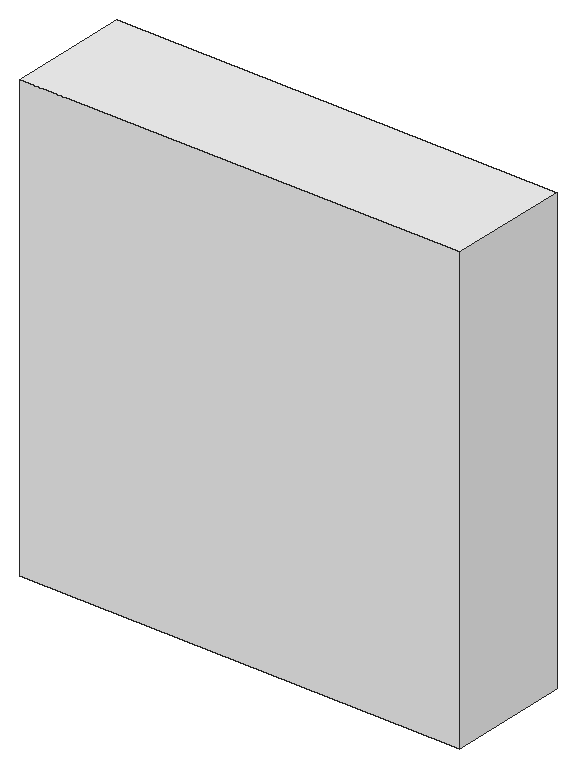
Revit family "259519 Strømforsyning 24V 5A", category Electrical Equipment, Revit 2016
Family settings
  Part Type = Other Panel
  Round Connector Dimension = Use Diameter
  OmniClass Number = 23.85.30.21.11
  OmniClass Title = Fire Detection, Monitoring and Alarm
  Work Plane-Based = No
  Always vertical = Yes
  Cut with Voids When Loaded = No
  Shared = No
  Room Calculation Point = No
Parameters (values of type "Strømforsyning 230V/24V")
  Type Comments = "-XG"
  Panel Name [instance] = "542"
  NS8360 = "5422_WB3"
  Manufacturer = "Honeywell"
  Keynote = "WB3"
  CQFontSymboler = "t"
  CQ Width = 400 mm
  CQ Voltage = 230 V
  CQ Type tekst synlig = yes
  CQ Type = "24V"
  CQ Depth = 110 mm
  CQ Montering tekst synlig [instance] = no
  CQ Montering [instance] = "Vegg"
  CQ Material = Laminate, White
  CQ Symbol Positive Direction [instance] = yes
  CQ Symbol Offset Side [instance] = 0 mm
  CQ Symbol Offset Out [instance] = 0 mm
  CQ Height = 404 mm
  CQ Font = 0 mm
  CQ Display = Laminate, Grey
  Assembly Code = "5422"
Reference planes
  plane 1 "Center (Front/Back)": y = 0
  plane 2: z = 0
  plane 3 "Center (Left/Right)": x = 0
  plane 4: z = 202
  plane 5: z = -202
  plane 6: x = -200
  plane 7: x = 200
  plane 8 "Front": y = 110
  plane 9: z = 162
  plane 10: y = 111
  plane 11: x = -175
Forms (mm)
  Extrusion 1, solid, material "Laminate, White" <- "CQ Material"
    sketch origin (0, -130, 0) x (-1, 0, 0) y (0, 0, 1)
      loop
        line (200, 202) -> (-200, 202) -> (-200, -202) -> (200, -202) -> (200, 202)
    from 130 to 240
  Extrusion 2, solid, material "Laminate, Grey" <- "CQ Display"
    sketch origin (5, 182, 0) x (1, 0, 0) y (0, 0, -1)
      loop
        line (-89.52, -162) -> (-89.52, -62) -> (-180, -62) -> (-180, -162) -> (-89.52, -162)
    from -72 to -71
Lines and regions (mm)
  model lines, style "InvisibleLines"
    curve 1: line (0, 0, 0) -> (0, 0, 5)
  symbolic lines, style "InvisibleLines"
    curve 2: line (0, 110, 0) -> (0, 110, 627)
    curve 3: line (-200, 110, 0) -> (200, 110, 0)
    curve 4: line (200, 110, 0) -> (200, 0, 0)
    curve 5: line (-200, 0, 0) -> (-200, 110, 0)
Dimensions and locks
  equal spacing: plane 7, plane 3 "Center (Left/Right)", plane 6
  "CQ Width": plane 7 to plane 6
  equal spacing: plane 4, level, plane 5
  "CQ Height": plane 4 to plane 5
  "CQ Depth": plane 8 "Front" to plane 1 "Center (Front/Back)"
  locked: plane 4 to plane 9 at 40
  locked: plane 10 to plane 8 "Front" at 1
  locked: plane 11 to plane 6 at 25
  locked: Extrusion 2 sketch curve to plane 11 at 90.48
  locked: plane 9 to Extrusion 2 sketch curve at 100
  aligned and locked: level to plane 2
  aligned and locked: plane 3 "Center (Left/Right)" to nested 1
  aligned and locked: plane 1 "Center (Front/Back)" to nested 1
  aligned and locked: Extrusion 1 sketch curve to plane 6
  aligned and locked: Extrusion 1 sketch curve to plane 5
  aligned and locked: plane 7 to Extrusion 1 sketch curve
  aligned and locked: plane 8 "Front" to Extrusion 1
  aligned and locked: plane 1 "Center (Front/Back)" to Extrusion 1
  aligned and locked: plane 3 "Center (Left/Right)" to curve 2
  aligned and locked: level to curve 2
  aligned and locked: curve 3 to plane 8 "Front"
  aligned and locked: plane 7 to Extrusion 1
  aligned and locked: Extrusion 1 to plane 6
  aligned and locked: Extrusion 2 to plane 8 "Front"
  aligned and locked: plane 10 to Extrusion 2
  aligned and locked: Extrusion 2 sketch curve to plane 11
  aligned and locked: plane 9 to Extrusion 2 sketch curve
Automatic sketch dimensions
  curve 1 to plane 3 "Center (Left/Right)" = 0 mm
  curve 1 to level = 0 mm
  level to curve 1 = 5 mm
  curve 5 to plane 6 = 0 mm
  plane 1 "Center (Front/Back)" to curve 4 = 0 mm
  curve 4 to plane 7 = 0 mm
  plane 1 "Center (Front/Back)" to curve 5 = 0 mm
  Extrusion 1 sketch curve to plane 4 = 0 mm
  plane 4 to curve 2 = 425 mm
Nested families
  nested 1: "Brannalarmsentral Symbol" at (0, 0, 0), type "Type 1"
Connectors
  electrical at (0, 0, 0), driven by "CQ Voltage"
    settings: index 1, voltage 230 V, apparent load 0 VA, apparent load phase1 0 VA, apparent load phase2 0 VA, apparent load phase3 0 VA, power factor 1, load classification "Other", number of poles 1, system type 31, power factor state 1, is connector primary yes, connector utility no, sub classification motor no, connector description ""
  electrical at (0, 0, 0)
    settings: index 2, voltage 0 V, apparent load 0 VA, apparent load phase1 0 VA, apparent load phase2 0 VA, apparent load phase3 0 VA, power factor 1, load classification "Other", number of poles 1, system type 11, power factor state 1, is connector primary no, connector utility no, sub classification motor no, connector description ""
Definition of nested family "Brannalarmsentral Symbol"
  Parameters (values of type "Type 1")
    Type tekst synlig = yes
    Type = "BS"
    Montering tekst synlig = no
    Montering = "Vegg"
    CQ Symbol Positive Direction = yes
    CQ Symbol Negative Direction = not(CQ Symbol Positive Direction)  # no
    CQ Symbol Offset Side = 0 mm
    CQ Symbol Offset Out = 0 mm
  Reference planes
    plane 1: y = 0
    plane 2: x = 0
  Dimensions and locks
    "CQ Symbol Offset Side": nested 2 to plane 2
    "CQ Symbol Offset Side": plane 2 to nested 1
    "CQ Symbol Offset Out": plane 1 to nested 1
    "CQ Symbol Offset Out": plane 1 to nested 2
  Nested families
    nested 1: "Brannalarmsentral" at (0, 0, 0), visible <- "CQ Symbol Positive Direction", type "Type1"
    nested 2: "Brannalarmsentral" at (0, 0, 0), visible <- "CQ Symbol Negative Direction", type "Type1"
  Definition of nested family "Brannalarmsentral"
    Parameters (values of type "Type1")
      Type tekst synlig = yes
      Type = "BS"
      Montering tekst synlig = no
      Montering = "Vegg"
    Reference planes
      plane 1: y = 0
      plane 2: x = 0
    Lines and regions (mm)
      detail lines
        curve 1: line (-2.5, 2, 0) -> (2.5, 2, 0)
        curve 2: line (2.5, 2, 0) -> (2.5, 7, 0)
        curve 3: line (2.5, 7, 0) -> (-2.5, 7, 0)
        curve 4: line (-2.5, 7, 0) -> (-2.5, 2, 0)
        curve 5: circle (-1.25, 3, 0) r 0.25 normal (0, 0, 1)
        curve 6: line (-1.25, 3.75, 0) -> (-1, 6, 0)
        curve 7: arc (-1, 6, 0) -> (-1.25, 6.25, 0) -> (-1.5, 6, 0) r 0.25
        curve 8: line (-1.5, 6, 0) -> (-1.25, 3.75, 0)
        curve 9: line (-1.25, 5, 0) -> (-1.25, 6, 0)
      detail lines, visible <- "Type tekst synlig"
        curve 10: line (-2.5, 0, 0) -> (2.5, 0, 0)
        curve 11: line (-2.5, 0, 0) -> (-2.5, 2, 0)
        curve 12: line (2.5, 0, 0) -> (2.5, 2, 0)
    Nested families
      nested 1: "txt 1_50" at (3.379, 6.924, 0), visible <- "Montering tekst synlig", Type Name <- "Montering", type "txt"
        with Type Name "Vegg"
      nested 2: "txt 1_50" at (-1.949, 0.863, 0), visible <- "Type tekst synlig", Type Name <- "Type", type "txt"
        with Type Name "BS"
    Definition of nested family "txt 1_50"
      Parameters (values of type "txt")
        Type Name [instance] = "HIM"
      Reference planes
        plane 1: y = 0
        plane 2: x = 0
      Text (mm)
        label "TXT" at (1.952, 0, 0), shows "Type Name"
